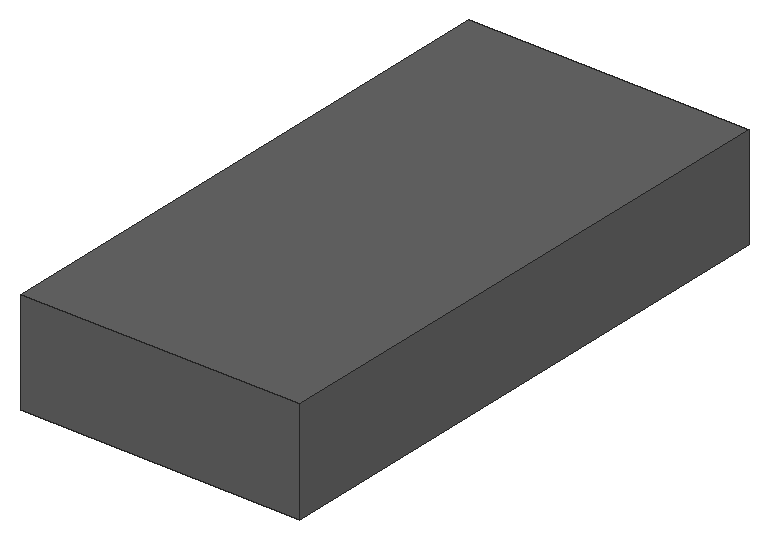
Revit family "Fixture_Control-Lutron-Quantum-QP2", category Electrical Equipment, host Face, Revit 2017
Family settings
  Host = Face
  Round Connector Dimension = Use Diameter
  Part Type = Other Panel
  OmniClass Number = 23.85.80.11
  OmniClass Title = Building Controls
  Cut with Voids When Loaded = No
  Shared = No
  Room Calculation Point = No
Parameters (values of type "120V")
  Wattage = ""
  Warranty URL = "http://www.lutron.com/en-US/Service-Support/Pages/Service/Warranty/Warranty.aspx"
  Voltage = "120.00 V"
  Video Link = "https://www.youtube.com/user/LutronElectronicsInc"
  Version = "2017 - v1.0b"  # constant formula
  Unit Weight = 40.00 lbf
  URL = "http://www.lutron.com"
  Type Comments = ""
  Support Phone = "(224) 699-9545"  # constant formula
  Support Email = "mailto: support@anguleris.com"
  Series = "Quantum"
  Product Page URL = "http://www.lutron.com/en-US/Products/Pages/WholeBuildingSystems/Quantum/Overview.aspx"
  Product Name = "Centralized Control Equipment - QP2"
  Product Documentation Link = "http://www.lutron.com/TechnicalDocumentLibrary/369375b_quantum_hub_120V_ENG.pdf"
  Phase = 1
  Performance URL = "http://www.lutron.com/en-US/Service-Support/Pages/Technical/PerfomanceSpecs.aspx"
  Panel Name [instance] = (empty or 0)
  Overall Width = 1' - 3 3/4"
  Overall Height = 2' - 7 1/2"
  Overall Depth = 0' - 5 123/128"
  Number of Poles = 1
  built-in parameter 1140081 [instance] = "Surface"
  built-in parameter 1140084 [instance] = (empty or 0)
  Model = "QP2-120"
  Material = Steel - Lutron - Black
  Manufacturer Phone Number = "610-282-3800"  # constant formula
  Manufacturer Fax Number = "610-282-1243"  # constant formula
  Manufacturer Email = "mailto:support@lutron.com"
  Manufacturer Address = "7200 Suter Rd, Coopersburg, PA 18036"  # constant formula
  Manufacturer = "Lutron Electronics Co., Inc"  # constant formula
  Load Classification = Power
  Keynote = ""
  Instruction Sheet Link = "http://www.lutron.com/TechnicalDocumentLibrary/032210A_Quantum_QP2_120V_Lighting_Hub_Install_Guide.pdf"
  Frequency = 60 Hz
  built-in parameter 1140083 [instance] = "NEMA 1"
  Electrical Potential = 120 V
  Description = "Light Management Hub"
  Default Elevation = 4' - 0"
  Current = 1 A
  Cost Info = "mailto:sales@lutron.com"
  Cost = 0
  Copyright = "© 2019 Lutron Electronics Co., Inc."  # constant formula
  built-in parameter 1140086 [instance] = (empty or 0)
  built-in parameter 1140085 [instance] = (empty or 0)
  built-in parameter 1140087 [instance] = (empty or 0)
  Assembly Code = "D5020200"
  Apparent Power = Electrical Potential * Current  # 120 VA
Reference planes (in)
  plane 1 "Center (Front/Back)": y = 0
  plane 2: z = 0
  plane 3 "Center (Left/Right)": x = 0
  plane 4: x = -7.875
  plane 5: y = 31.5
  plane 6: x = 7.875
  plane 7: z = 5.96094
  plane 8: z = 0.15
Forms (in)
  Extrusion 1, solid, material "Steel - Lutron - Black" <- "Material"
    sketch origin (0, 0, 0) x (1, 0, 0) y (0, 1, 0)
      loop
        line (-7.875, 31.5) -> (-7.875, 0) -> (7.875, 0) -> (7.875, 31.5) -> (-7.875, 31.5)
    from 0.15 to 5.96094
  Sweep 2, solid, material "Steel - Lutron - Satin", detail levels fine
    path origin (0, 0, 0) x (1, 0, 0) y (0, 0, 1)
      loop
        line (0, 0.15) -> (0, 0)
    profile origin (0, 0, 0.075) x (0, -1, 0) y (1, 0, 0)
      loop
        circle (-29, -7.045) r 0.5
      loop
        circle (-29, 6.955) r 0.5
      loop
        circle (-2.5, 6.955) r 0.5
      loop
        circle (-2.5, -7.045) r 0.5
Lines and regions (in)
  symbolic lines
    curve 1: line (-7.875, 0, 5.96094) -> (7.875, 0, 5.96094)
    curve 2: line (-7.875, 0, 0) -> (-7.875, 0, 5.96094)
    curve 3: line (7.875, 0, 0) -> (-7.875, 0, 0)
    curve 4: line (7.875, 0, 5.96094) -> (7.875, 0, 0)
Dimensions and locks (in)
  "Overall Height": plane 1 "Center (Front/Back)" to plane 5
  equal spacing: plane 4, plane 3 "Center (Left/Right)", plane 6
  "Overall Width": plane 4 to plane 6
  "Overall Depth": plane 7 to plane 2
  locked: plane 8 to plane 2 at 0.15
  locked: plane 5 to Sweep 2 sketch curve at 2.5  (x2)
  locked: Sweep 2 sketch curve to Sweep 2 sketch curve at 26.5  (x2)
  locked: plane 4 to Sweep 2 sketch curve at 0.83  (x2)
  locked: Sweep 2 sketch curve to plane 6 at 0.92  (x2)
  aligned and locked: plane 2 to host face
  aligned and locked: level to host face
  aligned and locked: Extrusion 1 sketch curve to plane 5
  aligned and locked: Extrusion 1 sketch curve to plane 1 "Center (Front/Back)"
  aligned and locked: Extrusion 1 sketch curve to plane 6
  aligned and locked: plane 4 to Extrusion 1 sketch curve
  aligned and locked: plane 7 to Extrusion 1
  aligned: Extrusion 1 to plane 2
  aligned and locked: Extrusion 1 to plane 8
  aligned and locked: Sweep 2 sketch curve to plane 3 "Center (Left/Right)"
  aligned and locked: plane 8 to Sweep 2 sketch curve
  aligned and locked: plane 2 to Sweep 2 sketch curve
  aligned and locked: curve 1 to plane 7
  aligned and locked: plane 2 to curve 3
  aligned and locked: plane 7 to curve 4
  aligned and locked: plane 2 to curve 2
  aligned and locked: plane 6 to curve 1
  aligned and locked: plane 6 to curve 3
  aligned and locked: plane 4 to curve 1
  aligned and locked: plane 4 to curve 3
Automatic sketch dimensions
  host sketch curve to host sketch curve = 3' - 9.83427"
  host sketch curve to host sketch curve = 3' - 0.73794"
  radius of Sweep 2 sketch curve = 0' - 0 1/2"  (x4)
Connectors (in)
  electrical at (0, 15.75, 0.15), driven by "Number of Poles", driven by "Load Classification", driven by "Electrical Potential", driven by "Apparent Power"
    settings: on Extrusion 1, index 1, voltage 120 V, apparent load 120 VA, apparent load phase1 0 VA, apparent load phase2 0 VA, apparent load phase3 0 VA, power factor 1, load classification "Power", number of poles 1, system type 30, power factor state 1, is connector primary yes, connector utility no, sub classification motor no, connector description "Power Connection"
